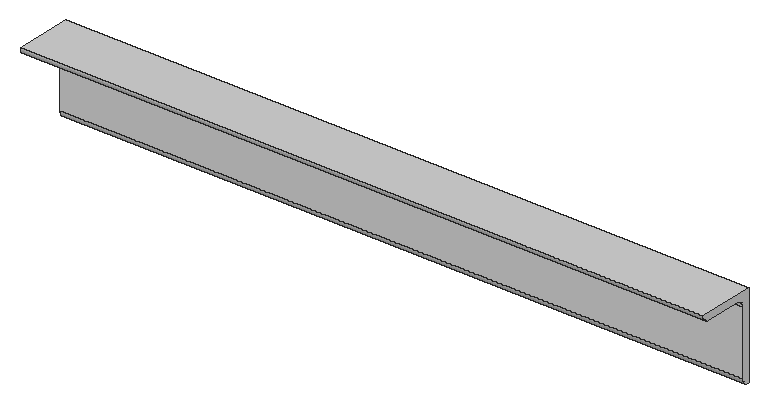
Revit family
Parameters (values of type "L6X4X1/2")
  k = 0' - 1"
  Start Extension Calculation [instance] = 10' 0 1/2" + Start Extension  # 10' - 0"
  Start Extension [instance] = -0' - 0 1/2"
  End Extension Calculation [instance] = 10' 0 1/2" + End Extension  # 10' - 0"
  End Extension [instance] = -0' - 0 1/2"
  Beam Material [instance] = Metal - Steel - ASTM A36
  A = 4.75 in²
  Assembly Code = "B10"
  Length [instance] = 5' - 0"
  W = 16.2
  b = 0' - 4"
  d = 0' - 6"
  t = 0' - 0 1/2"
  x = 0' - 0 251/256"
  y = 0' - 1 251/256"
Reference planes (in)
  plane 1 "Center (Front/Back)": y = 0
  plane 2: z = 0
  plane 3 "Center (Left/Right)": x = 0.1815
  plane 4 "Member Left": x = -23.8185
  plane 5 "Member Right": x = 24.1815
  plane 6: y = 0.98047
  plane 7: y = -3.01953
  plane 8 "Top": z = 1.98047
  plane 9: z = -4.01953
  plane 10 "Left": x = -29.8185
  plane 11 "Right": x = 30.1815
  plane 12: x = -23.8185
  plane 13: x = 24.1815
  plane 14: x = 96.1815
  plane 15: x = -95.8185
Forms (in)
  Sweep 1, solid, material "Metal - Steel - ASTM A36" <- "Beam Material", detail levels fine
    path origin (0, 0, 0) x (1, 0, 0) y (0, 1, 0)
      loop
        line (24.1815, 0) -> (-23.8185, 0)
    profile "L-Angle-Profile-Fine : L-Angle-Profile-Fine" origin (0.1815, 0, 0) x (0, -1, 0) y (0, 0, 1)
      loop
        arc (-0.98047, -4.01953) -> (-0.62692, -3.87308) -> (-0.48047, -3.51953) r 0.5
        line (-0.48047, -3.51953) -> (-0.48047, 0.98047)
        arc (-0.48047, 0.98047) -> (-0.33402, 1.33402) -> (0.01953, 1.48047) r 0.5
        line (0.01953, 1.48047) -> (2.51953, 1.48047)
        arc (2.51953, 1.48047) -> (2.87308, 1.62692) -> (3.01953, 1.98047) r 0.5
        line (3.01953, 1.98047) -> (-0.98047, 1.98047) -> (-0.98047, -4.01953)
  Sweep 2, solid, material "Metal - Steel - ASTM A36" <- "Beam Material", detail levels medium
    path origin (0, 0, 0) x (1, 0, 0) y (0, 1, 0)
      loop
        line (24.1815, 0) -> (-23.8185, 0)
    profile "L-Angle-Profile-Medium : L-Angle-Profile-Medium" origin (0.1815, 0, 0) x (0, -1, 0) y (0, 0, 1)
      loop
        line (-0.98047, -4.01953) -> (-0.48047, -4.01953) -> (-0.48047, 1.48047) -> (3.01953, 1.48047) -> (3.01953, 1.98047) -> (-0.98047, 1.98047) -> (-0.98047, -4.01953)
Lines and regions (in)
  symbolic lines, style "Hidden Faces", detail levels medium+fine
    curve 1: line (-23.8185, 0, 1.48047) -> (24.1815, 0, 1.48047)
    curve 4: line (-23.8185, 0.48047, 0) -> (24.1815, 0.48047, 0)
  symbolic lines, style "Stick Symbols", detail levels coarse
    curve 2: line (0.1815, 0.98047, -4.01953) -> (0.1815, 0.98047, 1.98047)
    curve 3: line (0.1815, -3.01953, 1.98047) -> (0.1815, 0.98047, 1.98047)
Dimensions and locks (in)
  "b": plane 6 to plane 7
  "d": plane 9 to plane 8 "Top"
  "x": plane 6 to plane 1 "Center (Front/Back)"
  "y": plane 8 "Top" to plane 2
  "Length": plane 10 "Left" to plane 11 "Right"
  "b": curve 3 to curve 2
  "d": curve 3 to curve 2
  "t": curve 4 to plane 6
  locked: plane 4 "Member Left" to plane 14 at 120
  locked: plane 15 to plane 5 "Member Right" at 120
  "End Extension Calculation": plane 15 to plane 13
  "Start Extension Calculation": plane 12 to plane 14
  aligned and locked: Sweep 1 sketch curve to plane 1 "Center (Front/Back)"
  aligned and locked: Sweep 2 sketch curve to plane 1 "Center (Front/Back)"
  aligned and locked: plane 12 to Sweep 2 sketch curve
  aligned and locked: plane 13 to Sweep 2 sketch curve
  aligned and locked: plane 12 to Sweep 1 sketch curve
  aligned and locked: plane 13 to Sweep 1 sketch curve
  aligned and locked: plane 12 to curve 4
  aligned and locked: plane 13 to curve 4
  aligned and locked: plane 12 to curve 1
  aligned and locked: plane 13 to curve 1
Automatic sketch dimensions
  plane 8 "Top" to curve 1 = 0' - 0 1/2"
  curve 3 to plane 7 = 0' - 0"
  curve 2 to plane 9 = 0' - 0"
